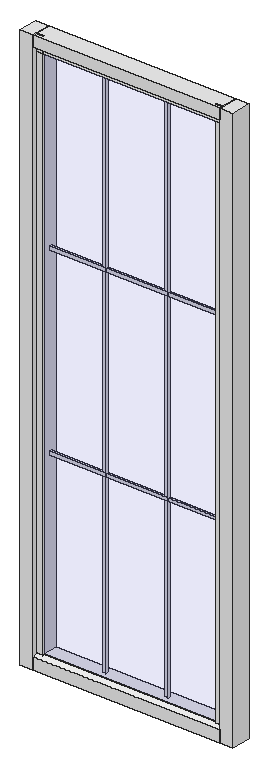
Revit family "Door_Curtain_Wall-Inswing-Traco-NX-8920-Sidelite", category Curtain Panels, Revit 2015
Parameters (values of type "NX-8920 - Sidelite")
  Water Resistance = 12.0000 psf
  Uniform Load Structural = 75.0000 psf
  Uniform Load Deflection = 50.0000 psf
  Product data url = "https://bimobject.com/kawneerna/product/89202"
  Product Page URL = "http://www.alcoa.com/traco/en/product.asp?cat_id=1912&prod_id=4260"
  Product Documentation Link = "http://www.alcoa.com/traco/en/cad_spec.asp?cat_id=1912&prod_id=4260&area=prod"
  Panel Width [instance] = Door Width - 0' 4 1/2"  # 2' - 7 1/2"
  Panel Material [instance] = Aluminum - Traco - Anodized - Gray
  Panel Height [instance] = Door Height - 0' 2 7/8"  # 7' - 9 1/8"
  Muntin Type = Muntin-Grid-Traco-Lites : Interior
  Glass Material [instance] = Glass - Traco - Clear
  Frame Material [instance] = Aluminum - Traco - Anodized - Gray
  Door Width [instance] = if(CTRL Opening Width < Door Width Minimum, Door Width Minimum, if(CTRL Opening Width > Door Width Maximum, Door Width Maximum, CTRL Opening Width))  # 3' - 0"
  Door Height [instance] = if(CTRL Opening Height < Door Height Minimum, Door Height Minimum, if(CTRL Opening Height > Door Height Maximum, Door Height Maximum, CTRL Opening Height))  # 8' - 0"
  Door Base = 0' - 1 3/8"
  Copyright © = "2011 Traco"  # constant formula
  CTRL Opening Width [instance] = 3' - 0"
  URL = "http://www.alcoa.com/traco/en/home.asp"
  U Factor = "0.40"
  Type Comments = "Sidelite"
  Test Size = "48\" X 96\""
  Muntin [instance] = yes
  Model = "NX-8920"
  Manufacturer = "Traco"  # constant formula
  CTRL Opening Height [instance] = 8' - 0"
  Forced Entry Resistance = ""
  Door Width Minimum [instance] = 3' - 0"
  Door Width Maximum [instance] = 3' - 0"
  Door Height Minimum [instance] = 6' - 0"
  Door Height Maximum [instance] = 8' - 0"
  Designation = "AAMA/WDMA/CSA 101/I.S.2/A-440-05: HS-C50 And AAMA/WDMA/CSA 101/I.S.2/A-440-08:AW-PG50-ATD"
  Description = "NX-8920 - 3-1/4” Inswing Thermal Aluminum Architectural Terrace Door"
  Condensation Resistance = "48"
  Assembly Code = "B2020220"
  Allowable Air Infiltration Maximum = "0.1 @ 6.2 PSF"
Reference planes (in)
  plane 1 "Front": y = 0
  plane 2 "Bottom": z = 0
  plane 3 "Center (Left/Right)": x = 0
  plane 4 "Left": x = -18
  plane 5 "Right": x = 18
  plane 6 "Top": z = 96
  plane 7 "Door Base": z = 1.375
  plane 8 "Muntin Center F_B": y = 2
  plane 9 "Back": y = 3.25
  plane 10 "Stop Back": y = 0.75
  plane 11 "Panel Center F_B": y = 2
Text (in)
  text "Exterior" at (-54.29358, -14.61257, 0), in view "Ref. Level"
  text "Exterior" at (480, 41.53993, 89.60405), in view "Right"
  text "Exterior" at (-240, 57.82419, 105.78864), in view "Left"
Dimensions and locks (in)
  equal spacing: plane 4 "Left", plane 3 "Center (Left/Right)", plane 5 "Right"
  "Door Base": plane 2 "Bottom" to plane 7 "Door Base"
  "CTRL Opening Width": plane 4 "Left" to plane 5 "Right"
  "CTRL Opening Height": plane 6 "Top" to plane 2 "Bottom"
  locked: plane 1 "Front" to plane 9 "Back" at 3.25
  locked: plane 1 "Front" to plane 10 "Stop Back" at 0.75
  equal spacing: plane 9 "Back", plane 11 "Panel Center F_B", plane 10 "Stop Back"
  locked: plane 11 "Panel Center F_B" to plane 8 "Muntin Center F_B" at 0
  aligned and locked: level to plane 2 "Bottom"
  aligned: plane 7 "Door Base" to nested 3
  aligned: plane 7 "Door Base" to nested 4
  aligned: plane 7 "Door Base" to nested 6
  aligned and locked: plane 3 "Center (Left/Right)" to nested 1
  aligned and locked: plane 1 "Front" to nested 1
  aligned and locked: plane 2 "Bottom" to nested 1
  aligned and locked: plane 3 "Center (Left/Right)" to nested 3
  aligned and locked: plane 7 "Door Base" to nested 3
  aligned and locked: plane 3 "Center (Left/Right)" to nested 2
  aligned and locked: nested 2 to plane 10 "Stop Back"
  aligned and locked: plane 7 "Door Base" to nested 2
Nested families (in)
  nested 1: "Door_Frame-Inswing-Traco-(NX-8920)-Sidelite" at (-24, 1.625, 0), type "Standard Sill"
    with Door Width 3' - 0", Door Height 8' - 0"
  nested 2: "Door-Glass_Panel-Traco-(TR-8920)-Sidelite" at (0, 3.25, 1.375), Width <- "Panel Width", Height <- "Panel Height", Panel Material <- "Panel Material", Glass Material <- "Glass Material", type "T", detail levels fine
    with built-in parameter 1001301 2' - 7 1/2", built-in parameter 1001302 0' - 2 1/2", Panel Offset 0' - 4 1/4", Panel Material Aluminum - Traco - Anodized - Gray, Panel Finish none, built-in parameter 1001300 7' - 9 1/8", Glazing "Low E-Argon", Glass Material Glass - Traco - Clear
  nested 3: "Muntin-Grid-Traco-Lites" at (0, 2, 47.9375) x (-1, 0, 0) z (0, -1, 0), visible <- "Muntin", Sash Height <- "Panel Height", Length <- "Panel Width", type <- "Muntin Type", type "Interior"
    with Sash Height 7' - 9 1/8", Material Aluminum - Traco - Anodized - Gray, Length 2' - 7 1/2", Glazing Thickness 0' - 0 7/8", CTRL Muntin Vertical Distance 2' - 7.04167", CTRL Muntin Horizontal Distance 0' - 10 1/2", CTRL Face Offset 0' - 0 1/4", CTRL Bar Vertical Visibility no, CTRL Bar Horizontal Visibility no, CTRL Array Vertical Visibility yes, CTRL Array Horizontal Visibility yes, Has Interior Muntins yes, Has Exterior Muntins no
  nested 4: "Muntin-Trapezoid-Traco-Single" at (-5.25, 2.1875, 47.9375) x (0, 0, -1) z (0, -1, 0), type "Standard Colonial"
    with Material Aluminum - Traco - Anodized - Gray, Length 7' - 9 1/8", Width Top 0' - 0 9/16", Width Base 0' - 0 9/16", Height 0' - 0 5/16"
  nested 5: "Muntin-Trapezoid-Traco-Single" at (0, 2.1875, 63.45833) x (1, 0, 0) z (0, -1, 0), type "Standard Colonial"
    with Material Aluminum - Traco - Anodized - Gray, Length 2' - 7 1/2", Width Top 0' - 0 9/16", Width Base 0' - 0 9/16", Height 0' - 0 5/16"
  nested 6: "Muntin-Trapezoid-Traco-Single" at (5.25, 2.1875, 47.9375) x (0, 0, -1) z (0, -1, 0), type "Standard Colonial"
    with Material Aluminum - Traco - Anodized - Gray, Length 7' - 9 1/8", Width Top 0' - 0 9/16", Width Base 0' - 0 9/16", Height 0' - 0 5/16"
  nested 7: "Muntin-Trapezoid-Traco-Single" at (0, 2.1875, 32.41667) x (1, 0, 0) z (0, -1, 0), type "Standard Colonial"
    with Material Aluminum - Traco - Anodized - Gray, Length 2' - 7 1/2", Width Top 0' - 0 9/16", Width Base 0' - 0 9/16", Height 0' - 0 5/16"
Definition of nested family "Door_Frame-Inswing-Traco-(NX-8920)-Sidelite"
  Parameters
    Jamb Thickness = 0' - 2 1/4"
    Head Thickness = 0' - 1 3/4"
    Frame Material = none
    Frame Depth = 0' - 3 1/4"
    Door Width = 4' - 0"
    Door Height = 7' - 0"
    Assembly Code = ""
  Reference planes (in)
    plane 1 "Center (Front/Back)": y = 0
    plane 2 "Bottom": z = 0
    plane 3 "Center (Left/Right)": x = 24
    plane 4 "Interior": y = 1.625
    plane 5 "Exterior": y = -1.625
    plane 6 "Left": x = 0
    plane 7 "Top": z = 84
    plane 8 "Inside Frame Left Side": x = 2.25
    plane 9 "Inside Frame Right Side": x = 45.75
    plane 10 "Top Inset": z = 82.25
    plane 11 "Bottom Inset": z = 1.5
    plane 12 "Right": x = 48
    plane 13 "Left Stop": x = 3.375
    plane 14 "Right Stop": x = 44.625
    plane 15 "Stop Back": y = -0.875
    plane 16 "Stop Front": y = -1
    plane 17 "Panel Bottom": z = 2.5
    plane 18 "Panel Top": z = 81.375
    plane 19 "Lower Top Rail Unit Bottom": z = 2
  Forms (in)
    Extrusion 1, solid, material <- "Frame Material"
      sketch origin (24, 0, 0) x (0, 1, 0) y (0, 0, 1)
        loop
          line (-1.625, 0) -> (1.625, 0) -> (1.625, 1.5) -> (-0.875, 1.5) -> (-0.875, 2.5) -> (-1.625, 2) -> (-1.625, 0)
      from -21.75 to 21.75
    Extrusion 2, solid, material <- "Frame Material"
      sketch origin (24, 0, 0) x (0, 1, 0) y (0, 0, 1)
        loop
          line (1.625, 84) -> (-1.625, 84) -> (-1.625, 82.25) -> (-1, 82.25) -> (-1, 81.375) -> (-0.875, 81.375) -> (-0.875, 82.25) -> (1.625, 82.25) -> (1.625, 84)
      from -21.75 to 21.75
    Extrusion 3, solid, material <- "Frame Material"
      sketch origin (0, 0, 0) x (1, 0, 0) y (0, 1, 0)
        loop
          line (0, 1.625) -> (0, -1.625) -> (2.25, -1.625) -> (2.25, -1) -> (3.375, -1) -> (3.375, -0.875) -> (2.25, -0.875) -> (2.25, 1.625) -> (0, 1.625)
        loop
          line (48, 1.625) -> (45.75, 1.625) -> (45.75, -0.875) -> (44.625, -0.875) -> (44.625, -1) -> (45.75, -1) -> (45.75, -1.625) -> (48, -1.625) -> (48, 1.625)
      from 0 to 84
  Lines and regions (in)
    Masking region 1
      outline origin (0, 0, 84) x (-1, 0, 0) y (0, -1, 0)
        loop
          line (0, 1.625) -> (-48, 1.625) -> (-48, -1.625) -> (0, -1.625) -> (0, 1.625)
    Masking region 2
      outline origin (24, 0, 0) x (0, 1, 0) y (0, 0, 1)
        loop
          line (-1.625, 0) -> (1.625, 0) -> (1.625, 84) -> (-1.625, 84) -> (-1.625, 0)
    Masking region 3
      outline origin (0, 0, 0) x (1, 0, 0) y (0, 0, 1)
        loop
          line (0, 0) -> (48, 0) -> (48, 84) -> (0, 84) -> (0, 0)
        loop
          line (3.375, 2.5) -> (44.625, 2.5) -> (44.625, 81.375) -> (3.375, 81.375) -> (3.375, 2.5)
    symbolic lines, detail levels medium+fine
      curve 1: line (2.25, 1.625, 84) -> (2.25, -0.875, 84)
      curve 2: line (2.25, -0.875, 84) -> (3.375, -0.875, 84)
      curve 3: line (3.375, -0.875, 84) -> (3.375, -1, 84)
      curve 4: line (3.375, -1, 84) -> (2.25, -1, 84)
      curve 5: line (2.25, -1, 84) -> (2.25, -1.625, 84)
      curve 6: line (45.75, 1.625, 84) -> (45.75, -0.875, 84)
      curve 7: line (45.75, -0.875, 84) -> (44.625, -0.875, 84)
      curve 8: line (44.625, -0.875, 84) -> (44.625, -1, 84)
      curve 9: line (44.625, -1, 84) -> (45.75, -1, 84)
      curve 10: line (45.75, -1, 84) -> (45.75, -1.625, 84)
      curve 11: line (2.25, 0, 84) -> (2.25, 0, 0)
      curve 12: line (45.75, 0, 0) -> (45.75, 0, 84)
      curve 13: line (2.25, 0, 82.25) -> (45.75, 0, 82.25)
      curve 14: line (45.75, 0, 81.375) -> (44.625, 0, 81.375)
      curve 15: line (44.625, 0, 81.375) -> (44.625, 0, 82.25)
      curve 16: line (2.25, 0, 81.375) -> (3.375, 0, 81.375)
      curve 17: line (3.375, 0, 81.375) -> (3.375, 0, 82.25)
      curve 18: line (2.25, 0, 2) -> (45.75, 0, 2)
  Dimensions and locks (in)
    equal spacing: plane 4 "Interior", plane 1 "Center (Front/Back)", plane 5 "Exterior"
    "Frame Depth": plane 4 "Interior" to plane 5 "Exterior"
    "Head Thickness": plane 7 "Top" to plane 10 "Top Inset"
    "Jamb Thickness": plane 6 "Left" to plane 8 "Inside Frame Left Side"
    "Door Height": plane 7 "Top" to plane 2 "Bottom"
    plane 11 "Bottom Inset" to plane 2 "Bottom" = 0' - 1 1/2"
    "Door Width": plane 12 "Right" to plane 6 "Left"
    "Jamb Thickness": plane 12 "Right" to plane 9 "Inside Frame Right Side"
    equal spacing: plane 6 "Left", plane 3 "Center (Left/Right)", plane 12 "Right"
    locked: plane 8 "Inside Frame Left Side" to plane 13 "Left Stop" at 1.125
    locked: plane 14 "Right Stop" to plane 9 "Inside Frame Right Side" at 1.125
    locked: plane 17 "Panel Bottom" to plane 2 "Bottom" at 2.5
    locked: plane 10 "Top Inset" to plane 18 "Panel Top" at 0.875
    locked: plane 19 "Lower Top Rail Unit Bottom" to plane 11 "Bottom Inset" at 0.5
    aligned and locked: level to plane 2 "Bottom"
    aligned and locked: plane 11 "Bottom Inset" to Extrusion 1 sketch curve
    aligned and locked: plane 4 "Interior" to Extrusion 1 sketch curve
    aligned and locked: plane 8 "Inside Frame Left Side" to Extrusion 1
    aligned and locked: Extrusion 1 to plane 9 "Inside Frame Right Side"
    aligned and locked: Extrusion 2 sketch curve to plane 10 "Top Inset"
    aligned and locked: plane 5 "Exterior" to Extrusion 2 sketch curve
    aligned and locked: plane 8 "Inside Frame Left Side" to Extrusion 2
    aligned and locked: Extrusion 2 to plane 9 "Inside Frame Right Side"
    aligned and locked: Extrusion 3 sketch curve to plane 4 "Interior"
    aligned and locked: Extrusion 3 sketch curve to plane 6 "Left"
    aligned and locked: Extrusion 3 sketch curve to Extrusion 1  (x2)
    aligned and locked: plane 7 "Top" to Extrusion 3
    aligned and locked: plane 6 "Left" to Masking region 1 sketch curve
    aligned and locked: plane 4 "Interior" to Masking region 1 sketch curve
    aligned and locked: plane 12 "Right" to Masking region 1 sketch curve
    aligned and locked: plane 5 "Exterior" to Masking region 1 sketch curve
    aligned and locked: plane 8 "Inside Frame Left Side" to curve 1
    aligned and locked: plane 15 "Stop Back" to curve 2
    aligned and locked: plane 13 "Left Stop" to curve 3
    aligned and locked: curve 4 to plane 16 "Stop Front"
    aligned and locked: plane 8 "Inside Frame Left Side" to curve 5
    aligned and locked: plane 9 "Inside Frame Right Side" to curve 6
    aligned and locked: curve 7 to plane 15 "Stop Back"
    aligned and locked: plane 14 "Right Stop" to curve 8
    aligned and locked: plane 16 "Stop Front" to curve 9
    aligned and locked: plane 9 "Inside Frame Right Side" to curve 10
    aligned and locked: plane 7 "Top" to Masking region 2 sketch curve
    aligned and locked: plane 4 "Interior" to Masking region 2 sketch curve
    aligned and locked: plane 5 "Exterior" to Masking region 2 sketch curve
    aligned and locked: Masking region 2 sketch curve to plane 2 "Bottom"
    aligned and locked: plane 7 "Top" to Masking region 3 sketch curve
    aligned and locked: plane 12 "Right" to Masking region 3 sketch curve
    aligned and locked: plane 6 "Left" to Masking region 3 sketch curve
    aligned and locked: plane 18 "Panel Top" to Masking region 3 sketch curve
    aligned and locked: plane 13 "Left Stop" to Masking region 3 sketch curve
    aligned and locked: Masking region 3 sketch curve to plane 14 "Right Stop"
    aligned and locked: Masking region 3 sketch curve to plane 17 "Panel Bottom"
    aligned and locked: Masking region 3 sketch curve to plane 2 "Bottom"
    aligned and locked: curve 18 to plane 19 "Lower Top Rail Unit Bottom"
    aligned and locked: curve 12 to plane 9 "Inside Frame Right Side"
    aligned and locked: plane 8 "Inside Frame Left Side" to curve 11
    aligned and locked: curve 13 to plane 10 "Top Inset"
    aligned and locked: curve 15 to plane 14 "Right Stop"
    aligned and locked: plane 18 "Panel Top" to curve 14
    aligned and locked: curve 16 to plane 18 "Panel Top"
    aligned and locked: curve 17 to plane 13 "Left Stop"
  Automatic sketch dimensions
    Extrusion 2 sketch curve to plane 7 "Top" = 0' - 2 5/8"
    Extrusion 2 sketch curve to plane 5 "Exterior" = 0' - 0 5/8"
    Extrusion 2 sketch curve to plane 10 "Top Inset" = 0' - 0"
    Extrusion 2 sketch curve to Extrusion 2 sketch curve = 0' - 0 1/8"
    Extrusion 2 sketch curve to plane 4 "Interior" = 0' - 0"
    Extrusion 2 sketch curve to plane 7 "Top" = 0' - 0"
    Extrusion 1 sketch curve to level = 0' - 0"
    Extrusion 1 sketch curve to plane 5 "Exterior" = 0' - 0 3/4"
    Extrusion 1 sketch curve to plane 5 "Exterior" = 0' - 0"
    Extrusion 1 sketch curve to Extrusion 1 sketch curve = 0' - 0 1/2"
    plane 11 "Bottom Inset" to Extrusion 1 sketch curve = 0' - 0 1/2"
    Extrusion 3 sketch curve to plane 8 "Inside Frame Left Side" = 0' - 0"
    Extrusion 3 sketch curve to plane 9 "Inside Frame Right Side" = 0' - 0"  (x2)
    plane 4 "Interior" to Extrusion 3 sketch curve = 0' - 0"
    Extrusion 3 sketch curve to plane 12 "Right" = 0' - 0"
    plane 5 "Exterior" to Extrusion 3 sketch curve = 0' - 0"
    Extrusion 3 sketch curve to plane 8 "Inside Frame Left Side" = 0' - 1 1/8"
    Extrusion 3 sketch curve to Extrusion 3 sketch curve = 0' - 1 1/8"
    Extrusion 3 sketch curve to plane 5 "Exterior" = 0' - 0 5/8"
    Extrusion 3 sketch curve to Extrusion 3 sketch curve = 0' - 0 5/8"
    Extrusion 3 sketch curve to Extrusion 3 sketch curve = 0' - 0 1/8"  (x2)
    curve 6 to plane 4 "Interior" = 0' - 0"
    plane 5 "Exterior" to curve 10 = 0' - 0"
    curve 1 to plane 4 "Interior" = 0' - 0"
    plane 5 "Exterior" to curve 5 = 0' - 0"
    curve 11 to plane 7 "Top" = 0' - 0"
    curve 11 to level = 0' - 0"
    curve 12 to level = 0' - 0"
    curve 12 to plane 7 "Top" = 0' - 0"
Definition of nested family "Door-Glass_Panel-Traco-(TR-8920)-Sidelite"
  Parameters
    Width [instance] = 6' - 0"
    Visible Light Transmission = 0
    URL = "www.integratedcontentsolutions.com"
    U Value = 0
    Type Comments = "Panel theory and model developed by Integrated Content Solutions"  # constant formula
    Thickness [instance] = 0' - 2 1/2"
    Solar Heat Gain Coefficient = 0
    R Value = 0
    Product Documentation Link = "www.integratedcontentsolutions.com"
    Panel Offset [instance] = 0' - 4 1/4"
    Panel Material [instance] = none
    Panel Finish [instance] = none
    Manufacturer = "Integrated Content Solutions"  # constant formula
    LEED Credit = ""
    Height [instance] = 2' - 0"
    Glazing [instance] = "Low E-Argon"
    Glass Material [instance] = none
    Function = 1
    Energy Star Zone = ""
    Copyright © = "Integrated Content Solutions © 2009"  # constant formula
    Assembly Code = "C1020110"
    Appear In Schedule = 0 = 1  # no
    Air Leakage = 0
  Reference planes (in)
    plane 1 "Exterior": y = 0
    plane 2 "Bottom": z = 0
    plane 3 "Left Side": x = -36
    plane 4 "Interior": y = -2.5
    plane 5 "Right Side": x = 36
    plane 6 "Top": z = 24
    plane 7 "Panel Center of Thickness": y = -1.875
    plane 8 "Glass Interior": y = -2.375
    plane 9 "Glass Exterior": y = -1.375
    plane 10 "Center L_R": x = 0
    plane 11 "Left Inset": x = -34.875
    plane 12 "Right Inset": x = 34.875
    plane 13 "Top Inset": z = 22.875
    plane 14 "Bottom Inset": z = 1.125
  Forms (in)
    Extrusion 1, solid, material <- "Panel Material"
      sketch origin (0, 0, 0) x (1, 0, 0) y (0, 0, 1)
        loop
          line (-36, 24) -> (-36, 0) -> (36, 0) -> (36, 24) -> (-36, 24)
        loop
          line (-34.875, 22.875) -> (-34.875, 1.125) -> (34.875, 1.125) -> (34.875, 22.875) -> (-34.875, 22.875)
      from 0 to 2.5
    Extrusion 2, solid, material <- "Glass Material"
      sketch origin (0, -2.5, 0) x (1, 0, 0) y (0, 0, 1)
        loop
          line (-35.625, 23.625) -> (-35.625, 0.375) -> (35.625, 0.375) -> (35.625, 23.625) -> (-35.625, 23.625)
      from -1.125 to -0.125
  Lines and regions (in)
    Masking region 1
      outline origin (0, 0, 24) x (-1, 0, 0) y (0, -1, 0)
        loop
          line (36, 2.5) -> (-36, 2.5) -> (-36, 0) -> (36, 0) -> (36, 2.5)
    Masking region 2
      outline origin (0, 0, 0) x (0, 0, 1) y (0, -1, 0)
        loop
          line (0, 2.5) -> (0, 0) -> (24, 0) -> (24, 2.5) -> (0, 2.5)
    Masking region 3
      outline origin (0, -1.875, 0) x (-1, 0, 0) y (0, 0, 1)
        loop
          line (36, 0) -> (36, 24) -> (-36, 24) -> (-36, 0) -> (36, 0)
        loop
          line (34.875, 1.125) -> (34.875, 22.875) -> (-34.875, 22.875) -> (-34.875, 1.125) -> (34.875, 1.125)
  Dimensions and locks (in)
    "Width": plane 3 "Left Side" to plane 5 "Right Side"
    "Thickness": plane 4 "Interior" to plane 1 "Exterior"
    "Height": plane 6 "Top" to plane 2 "Bottom"
    "Width": plane 3 "Left Side" to Extrusion 1
    equal spacing: plane 5 "Right Side", plane 10 "Center L_R", plane 3 "Left Side"
    locked: Extrusion 1 sketch curve to Extrusion 1 sketch curve at 1.125  (x4)
    equal spacing: plane 9 "Glass Exterior", plane 7 "Panel Center of Thickness", plane 8 "Glass Interior"
    locked: plane 9 "Glass Exterior" to plane 8 "Glass Interior" at 1
    locked: plane 6 "Top" to plane 13 "Top Inset" at 1.125
    locked: plane 14 "Bottom Inset" to plane 2 "Bottom" at 1.125
    locked: plane 11 "Left Inset" to plane 3 "Left Side" at 1.125
    locked: plane 5 "Right Side" to plane 12 "Right Inset" at 1.125
    aligned and locked: plane 3 "Left Side" to Extrusion 1 sketch curve
    aligned: Extrusion 1 to plane 1 "Exterior"
    aligned: plane 4 "Interior" to Extrusion 1
    aligned and locked: level to plane 2 "Bottom"
    aligned and locked: plane 9 "Glass Exterior" to Extrusion 2
    aligned and locked: Extrusion 2 to plane 8 "Glass Interior"
    aligned: plane 6 "Top" to Extrusion 2
    aligned and locked: plane 4 "Interior" to Extrusion 1
    aligned and locked: Extrusion 1 to plane 1 "Exterior"
    aligned and locked: Masking region 1 sketch curve to plane 3 "Left Side"
    aligned and locked: plane 4 "Interior" to Masking region 1 sketch curve
    aligned and locked: Masking region 1 sketch curve to plane 1 "Exterior"
    aligned and locked: plane 5 "Right Side" to Masking region 1 sketch curve
    aligned and locked: plane 6 "Top" to Masking region 2 sketch curve
    aligned and locked: Masking region 2 sketch curve to plane 1 "Exterior"
    aligned and locked: Masking region 2 sketch curve to plane 2 "Bottom"
    aligned and locked: plane 4 "Interior" to Masking region 2 sketch curve
    aligned and locked: plane 6 "Top" to Masking region 3 sketch curve
    aligned and locked: plane 5 "Right Side" to Masking region 3 sketch curve
    aligned and locked: Masking region 3 sketch curve to plane 2 "Bottom"
    aligned and locked: Masking region 3 sketch curve to plane 3 "Left Side"
    aligned and locked: plane 13 "Top Inset" to Masking region 3 sketch curve
    aligned and locked: plane 12 "Right Inset" to Masking region 3 sketch curve
    aligned and locked: Masking region 3 sketch curve to plane 14 "Bottom Inset"
    aligned and locked: Masking region 3 sketch curve to plane 11 "Left Inset"
  Automatic sketch dimensions
    Extrusion 1 sketch curve to plane 5 "Right Side" = 0' - 0"
    Extrusion 1 sketch curve to level = 0' - 0"
    Extrusion 1 sketch curve to plane 6 "Top" = 0' - 0"
    Extrusion 1 sketch curve to plane 3 "Left Side" = 0' - 0"
    plane 3 "Left Side" to Extrusion 2 sketch curve = 0' - 0 3/8"
    Extrusion 2 sketch curve to plane 5 "Right Side" = 0' - 0 3/8"
    level to Extrusion 2 sketch curve = 0' - 0 3/8"
    Extrusion 2 sketch curve to plane 6 "Top" = 0' - 0 3/8"
Definition of nested family "Muntin-Trapezoid-Traco-Single"
  Parameters
    Width Top = 0' - 0 7/16"
    Width Base = 0' - 1"
    URL = "http://www.alcoa.com/traco/en/home.asp"
    Product Page URL = "http://www.alcoa.com/traco/en/product.asp?prod_id=4228"
    Product Documentation Link = "http://www.alcoa.com/traco/en/cad_spec.asp?prod_id=4228&area=prod"
    Material [instance] = none
    Manufacturer = "Traco"  # constant formula
    Length [instance] = 1' - 0"
    Height = 0' - 0 5/8"
    Description = "Trapezoidal Profile"
    Copyright © = "2011 Traco"  # constant formula
  Reference planes (in)
    plane 1 "Center (Front/Back)": y = 0
    plane 2 "Original Bottom": z = 0
    plane 3 "Center (Left/Right)": x = 0
    plane 4 "Left": x = -6
    plane 5 "Right": x = 6
    plane 6 "Back": y = 0.5
    plane 7 "Front": y = -0.5
    plane 8 "Back Inset": y = 0.21875
    plane 9 "Front Inset": y = -0.21875
    plane 10 "Top": z = 0.625
    plane 11 "Bottom": z = 0
  Forms (in)
    Sweep 1, solid, material <- "Material", detail levels medium+fine
      path origin (0, 0, 0) x (0, -1, 0) y (1, 0, 0)
        loop
          line (0, 6) -> (0, -6)
      profile origin (0, 0, 0) x (0, -1, 0) y (0, 0, 1)
        loop
          line (0.5, 0) -> (0.21875, 0.625) -> (-0.21875, 0.625) -> (-0.5, 0) -> (0.5, 0)
  Lines and regions (in)
    Masking region 1, detail levels medium+fine
      outline origin (0, 0, 0) x (0, 1, 0) y (0, 0, 1)
        loop
          line (0.5, 0) -> (0.21875, 0.625) -> (-0.21875, 0.625) -> (-0.5, 0) -> (0.5, 0)
    Masking region 2, detail levels medium+fine
      outline origin (0, 0, 0) x (1, 0, 0) y (0, 1, 0)
        loop
          line (6, -0.5) -> (6, 0.5) -> (-6, 0.5) -> (-6, -0.5) -> (6, -0.5)
    Masking region 3, detail levels medium+fine
      outline origin (0, 0, 0) x (1, 0, 0) y (0, 0, 1)
        loop
          line (6, 0) -> (6, 0.625) -> (-6, 0.625) -> (-6, 0) -> (6, 0)
    symbolic lines, detail levels coarse
      curve 1: line (0, 0, 0) -> (0, 0, 0.625)
      curve 2: line (-6, 0, 0) -> (6, 0, 0)
      curve 3: line (-6, 0, 0) -> (-6, 0, 0.625)
      curve 4: line (-6, 0, 0.625) -> (6, 0, 0.625)
      curve 5: line (6, 0, 0.625) -> (6, 0, 0)
    model lines, detail levels coarse
      curve 6: line (-6, 0, 0) -> (6, 0, 0)
  Dimensions and locks (in)
    equal spacing: plane 4 "Left", plane 3 "Center (Left/Right)", plane 5 "Right"
    "Length": plane 4 "Left" to plane 5 "Right"
    equal spacing: plane 6 "Back", plane 1 "Center (Front/Back)", plane 7 "Front"
    "Width Base": plane 7 "Front" to plane 6 "Back"
    equal spacing: plane 8 "Back Inset", plane 1 "Center (Front/Back)", plane 9 "Front Inset"
    "Width Top": plane 9 "Front Inset" to plane 8 "Back Inset"
    locked: plane 11 "Bottom" to plane 2 "Original Bottom" at 0
    "Height": plane 10 "Top" to plane 11 "Bottom"
    aligned and locked: plane 2 "Original Bottom" to level
    aligned and locked: plane 4 "Left" to Sweep 1 sketch curve
    aligned and locked: Sweep 1 sketch curve to plane 1 "Center (Front/Back)"
    aligned and locked: plane 5 "Right" to Sweep 1 sketch curve
    aligned and locked: plane 7 "Front" to Sweep 1 sketch curve
    aligned and locked: plane 11 "Bottom" to Sweep 1 sketch curve  (x2)
    aligned and locked: plane 6 "Back" to Sweep 1 sketch curve
    aligned and locked: plane 10 "Top" to Sweep 1 sketch curve
    aligned and locked: plane 8 "Back Inset" to Sweep 1 sketch curve
    aligned and locked: plane 9 "Front Inset" to Sweep 1 sketch curve
    aligned and locked: Sweep 1 sketch curve to plane 10 "Top"
    aligned and locked: Masking region 1 sketch curve to plane 11 "Bottom"
    aligned and locked: plane 10 "Top" to Masking region 1 sketch curve
    aligned and locked: plane 8 "Back Inset" to Masking region 1 sketch curve
    aligned and locked: plane 9 "Front Inset" to Masking region 1 sketch curve
    aligned and locked: plane 7 "Front" to Masking region 1 sketch curve
    aligned and locked: plane 6 "Back" to Masking region 1 sketch curve
    aligned and locked: curve 1 to plane 1 "Center (Front/Back)"
    aligned and locked: plane 11 "Bottom" to curve 1
    aligned and locked: plane 10 "Top" to curve 1
    aligned and locked: plane 4 "Left" to curve 2
    aligned and locked: plane 5 "Right" to curve 2
    aligned and locked: plane 1 "Center (Front/Back)" to curve 2
    aligned and locked: Masking region 2 sketch curve to plane 4 "Left"
    aligned and locked: Masking region 2 sketch curve to plane 5 "Right"
    aligned and locked: Masking region 2 sketch curve to plane 6 "Back"
    aligned and locked: Masking region 2 sketch curve to plane 7 "Front"
    aligned and locked: Masking region 3 sketch curve to plane 4 "Left"
    aligned and locked: Masking region 3 sketch curve to plane 5 "Right"
    aligned and locked: plane 11 "Bottom" to Masking region 3 sketch curve
    aligned and locked: Masking region 3 sketch curve to plane 10 "Top"
    aligned and locked: plane 11 "Bottom" to curve 3
    aligned and locked: plane 11 "Bottom" to curve 5
    aligned and locked: curve 5 to plane 5 "Right"
    aligned and locked: curve 3 to plane 4 "Left"
    aligned and locked: curve 4 to plane 10 "Top"
    aligned and locked: plane 5 "Right" to curve 6
    aligned and locked: plane 4 "Left" to curve 6
    aligned and locked: plane 1 "Center (Front/Back)" to curve 6
Definition of nested family "Muntin-Grid-Traco-Lites"
  Parameters
    URL = "http://www.alcoa.com/traco/en/home.asp"
    Sash Height [instance] = 4' - 0"
    Muntin Vertical Count = if((Lite Vertical Count - 1) < 2, 2, (Lite Vertical Count - 1))  # 2
    Muntin Type = Muntin-Trapezoid-Traco-Single : H-081
    Muntin Horizontal Count = if((Lite Horizontal Count - 1) < 2, 2, (Lite Horizontal Count - 1))  # 2
    Material [instance] = none
    Manufacturer = "Traco"  # constant formula
    Lite Vertical Count = 3
    Lite Horizontal Count = 3
    Length [instance] = 4' - 0"
    Has True Muntins = no
    Has Interior Muntins = no
    Has Exterior Muntins = yes
    Glazing Thickness [instance] = 0' - 0 7/8"
    Default Elevation = 4' - 0"
    Copyright © = "2011 Traco"  # constant formula
    CTRL Muntin Vertical Distance [instance] = Sash Height / (Lite Vertical Count)  # 1' - 4"
    CTRL Muntin Horizontal Distance [instance] = Length / (Lite Horizontal Count)  # 1' - 4"
    CTRL Face Offset [instance] = if(Has Interior Muntins, 0' 0 1/4", if(Has Exterior Muntins, Glazing Thickness, Glazing Thickness / 2))  # 0' - 0 7/8"
    CTRL Bar Vertical Visibility [instance] = Lite Vertical Count = 2  # no
    CTRL Bar Horizontal Visibility [instance] = Lite Horizontal Count = 2  # no
    CTRL Array Vertical Visibility [instance] = Lite Vertical Count > 2  # yes
    CTRL Array Horizontal Visibility [instance] = Lite Horizontal Count > 2  # yes
    Assembly Code = "B2020110"
  Reference planes (in)
    plane 1 "Center (Front/Back)": y = 0
    plane 2 "Original  Bottom": z = 0
    plane 3 "Center (Left/Right)": x = 0
    plane 4 "Left": x = -24
    plane 5 "Right": x = 24
    plane 6 "Bottom": z = 0.4375
    plane 7 "Glass Top": z = 0.4375
    plane 8 "Glass Bottom": z = -0.4375
    plane 9 "Back": y = 24
    plane 10 "Front": y = -24
    plane 11 "Bar 1 Vertical": y = -8
    plane 12 "Bar Last Vertical": y = 8
    plane 13 "Bar Last Horizontal": x = 8
    plane 14 "Bar 1 Horizontal": x = -8
  Forms (in)
    Extrusion 1, solid
      sketch origin (0, 0, 0) x (1, 0, 0) y (0, 1, 0)
        loop
          line (-48, 48) -> (-48, -48) -> (48, -48) -> (48, 48) -> (-48, 48)
      from 0 to -12
  Dimensions and locks (in)
    equal spacing: plane 4 "Left", plane 3 "Center (Left/Right)", plane 5 "Right"
    "Length": plane 4 "Left" to plane 5 "Right"
    "Glazing Thickness": plane 7 "Glass Top" to plane 8 "Glass Bottom"
    equal spacing: plane 9 "Back", plane 1 "Center (Front/Back)", plane 10 "Front"
    "Sash Height": plane 10 "Front" to plane 9 "Back"
    "CTRL Muntin Vertical Distance": plane 10 "Front" to plane 11 "Bar 1 Vertical"
    "CTRL Muntin Vertical Distance": plane 12 "Bar Last Vertical" to plane 9 "Back"
    "CTRL Muntin Horizontal Distance": plane 4 "Left" to plane 14 "Bar 1 Horizontal"
    "CTRL Muntin Horizontal Distance": plane 13 "Bar Last Horizontal" to plane 5 "Right"
    equal spacing: plane 7 "Glass Top", plane 2 "Original  Bottom", plane 8 "Glass Bottom"
    group 1 to group 2 = 0' - 0"  (x2)
    group 1 to group 2 = 1' - 4"
    group 3 to group 4 = 1' - 4"
    group 3 to group 4 = 0' - 0"  (x2)
    "CTRL Face Offset": plane 6 "Bottom" to plane 8 "Glass Bottom"
    aligned and locked: plane 2 "Original  Bottom" to Extrusion 1
    aligned and locked: level to Extrusion 1
    aligned and locked: plane 6 "Bottom" to nested 1
    aligned and locked: plane 6 "Bottom" to nested 3
    aligned and locked: plane 6 "Bottom" to nested 2
    aligned and locked: plane 6 "Bottom" to nested 4
    aligned and locked: nested 3 to plane 11 "Bar 1 Vertical"
    aligned and locked: nested 4 to plane 14 "Bar 1 Horizontal"
    aligned and locked: nested 3 to plane 3 "Center (Left/Right)"
    aligned and locked: plane 1 "Center (Front/Back)" to nested 4
    aligned and locked: plane 3 "Center (Left/Right)" to nested 2
    aligned and locked: nested 2 to plane 1 "Center (Front/Back)"
    aligned and locked: plane 1 "Center (Front/Back)" to nested 1
    aligned and locked: plane 3 "Center (Left/Right)" to nested 1
    aligned and locked: nested 5 to plane 3 "Center (Left/Right)"
    aligned and locked: plane 1 "Center (Front/Back)" to nested 6
    aligned and locked: plane 6 "Bottom" to nested 6
    aligned and locked: nested 5 to plane 12 "Bar Last Vertical"
    aligned and locked: nested 6 to plane 13 "Bar Last Horizontal"
    aligned and locked: plane 6 "Bottom" to nested 5
  Automatic sketch dimensions
    Extrusion 1 sketch curve to Extrusion 1 sketch curve = 8' - 0"  (x2)
  Nested families (in)
    nested 1: "Muntin-Trapezoid-Traco-Single" at (0, 0, 0.4375), Length <- "Length", visible <- "CTRL Bar Vertical Visibility", type <- "Muntin Type", Material <- "Material", type "H-081"
      with Material none, Length 4' - 0"
    nested 2: "Muntin-Trapezoid-Traco-Single" at (0, 0, 0.4375) x (0, 1, 0) z (0, 0, 1), Length <- "Sash Height", visible <- "CTRL Bar Horizontal Visibility", type <- "Muntin Type", Material <- "Material", type "H-081"
      with Material none, Length 4' - 0"
    nested 3: "Muntin-Trapezoid-Traco-Single" at (0, -8, 0.4375) x (-1, 0, 0) z (0, 0, 1), Length <- "Length", visible <- "CTRL Array Horizontal Visibility", type <- "Muntin Type", Material <- "Material", type "H-081"
      with Material none, Length 4' - 0"
    nested 4: "Muntin-Trapezoid-Traco-Single" at (-8, 0, 0.4375) x (0, -1, 0) z (0, 0, 1), Length <- "Sash Height", visible <- "CTRL Array Horizontal Visibility", type <- "Muntin Type", Material <- "Material", type "H-081"
      with Material none, Length 4' - 0"
    nested 5: "Muntin-Trapezoid-Traco-Single" at (0, 8, 0.4375) x (-1, 0, 0) z (0, 0, 1), Length <- "Length", visible <- "CTRL Array Horizontal Visibility", type <- "Muntin Type", Material <- "Material", type "H-081"
      with Material none, Length 4' - 0"
    nested 6: "Muntin-Trapezoid-Traco-Single" at (8, 0, 0.4375) x (0, -1, 0) z (0, 0, 1), Length <- "Sash Height", visible <- "CTRL Array Horizontal Visibility", type <- "Muntin Type", Material <- "Material", type "H-081"
      with Material none, Length 4' - 0"
  Definition of nested family "Muntin-Trapezoid-Traco-Single"
    Parameters
      Width Top = 0' - 0 7/16"
      Width Base = 0' - 1"
      URL = "http://www.alcoa.com/traco/en/home.asp"
      Product Page URL = "http://www.alcoa.com/traco/en/product.asp?prod_id=4228"
      Product Documentation Link = "http://www.alcoa.com/traco/en/cad_spec.asp?prod_id=4228&area=prod"
      Material [instance] = none
      Manufacturer = "Traco"  # constant formula
      Length [instance] = 1' - 0"
      Height = 0' - 0 5/8"
      Description = "Trapezoidal Profile"
      Copyright © = "2011 Traco"  # constant formula
    Reference planes (in)
      plane 1 "Center (Front/Back)": y = 0
      plane 2 "Original Bottom": z = 0
      plane 3 "Center (Left/Right)": x = 0
      plane 4 "Left": x = -6
      plane 5 "Right": x = 6
      plane 6 "Back": y = 0.5
      plane 7 "Front": y = -0.5
      plane 8 "Back Inset": y = 0.21875
      plane 9 "Front Inset": y = -0.21875
      plane 10 "Top": z = 0.625
      plane 11 "Bottom": z = 0
    Forms (in)
      Sweep 1, solid, material <- "Material", detail levels medium+fine
        path origin (0, 0, 0) x (0, -1, 0) y (1, 0, 0)
          loop
            line (0, 6) -> (0, -6)
        profile origin (0, 0, 0) x (0, -1, 0) y (0, 0, 1)
          loop
            line (0.5, 0) -> (0.21875, 0.625) -> (-0.21875, 0.625) -> (-0.5, 0) -> (0.5, 0)
    Lines and regions (in)
      Masking region 1, detail levels medium+fine
        outline origin (0, 0, 0) x (0, 1, 0) y (0, 0, 1)
          loop
            line (0.5, 0) -> (0.21875, 0.625) -> (-0.21875, 0.625) -> (-0.5, 0) -> (0.5, 0)
      Masking region 2, detail levels medium+fine
        outline origin (0, 0, 0) x (1, 0, 0) y (0, 1, 0)
          loop
            line (6, -0.5) -> (6, 0.5) -> (-6, 0.5) -> (-6, -0.5) -> (6, -0.5)
      Masking region 3, detail levels medium+fine
        outline origin (0, 0, 0) x (1, 0, 0) y (0, 0, 1)
          loop
            line (6, 0) -> (6, 0.625) -> (-6, 0.625) -> (-6, 0) -> (6, 0)
      symbolic lines, detail levels coarse
        curve 1: line (0, 0, 0) -> (0, 0, 0.625)
        curve 2: line (-6, 0, 0) -> (6, 0, 0)
        curve 3: line (-6, 0, 0) -> (-6, 0, 0.625)
        curve 4: line (-6, 0, 0.625) -> (6, 0, 0.625)
        curve 5: line (6, 0, 0.625) -> (6, 0, 0)
      model lines, detail levels coarse
        curve 6: line (-6, 0, 0) -> (6, 0, 0)
    Dimensions and locks (in)
      equal spacing: plane 4 "Left", plane 3 "Center (Left/Right)", plane 5 "Right"
      "Length": plane 4 "Left" to plane 5 "Right"
      equal spacing: plane 6 "Back", plane 1 "Center (Front/Back)", plane 7 "Front"
      "Width Base": plane 7 "Front" to plane 6 "Back"
      equal spacing: plane 8 "Back Inset", plane 1 "Center (Front/Back)", plane 9 "Front Inset"
      "Width Top": plane 9 "Front Inset" to plane 8 "Back Inset"
      locked: plane 11 "Bottom" to plane 2 "Original Bottom" at 0
      "Height": plane 10 "Top" to plane 11 "Bottom"
      aligned and locked: plane 2 "Original Bottom" to level
      aligned and locked: plane 4 "Left" to Sweep 1 sketch curve
      aligned and locked: Sweep 1 sketch curve to plane 1 "Center (Front/Back)"
      aligned and locked: plane 5 "Right" to Sweep 1 sketch curve
      aligned and locked: plane 7 "Front" to Sweep 1 sketch curve
      aligned and locked: plane 11 "Bottom" to Sweep 1 sketch curve  (x2)
      aligned and locked: plane 6 "Back" to Sweep 1 sketch curve
      aligned and locked: plane 10 "Top" to Sweep 1 sketch curve
      aligned and locked: plane 8 "Back Inset" to Sweep 1 sketch curve
      aligned and locked: plane 9 "Front Inset" to Sweep 1 sketch curve
      aligned and locked: Sweep 1 sketch curve to plane 10 "Top"
      aligned and locked: Masking region 1 sketch curve to plane 11 "Bottom"
      aligned and locked: plane 10 "Top" to Masking region 1 sketch curve
      aligned and locked: plane 8 "Back Inset" to Masking region 1 sketch curve
      aligned and locked: plane 9 "Front Inset" to Masking region 1 sketch curve
      aligned and locked: plane 7 "Front" to Masking region 1 sketch curve
      aligned and locked: plane 6 "Back" to Masking region 1 sketch curve
      aligned and locked: curve 1 to plane 1 "Center (Front/Back)"
      aligned and locked: plane 11 "Bottom" to curve 1
      aligned and locked: plane 10 "Top" to curve 1
      aligned and locked: plane 4 "Left" to curve 2
      aligned and locked: plane 5 "Right" to curve 2
      aligned and locked: plane 1 "Center (Front/Back)" to curve 2
      aligned and locked: Masking region 2 sketch curve to plane 4 "Left"
      aligned and locked: Masking region 2 sketch curve to plane 5 "Right"
      aligned and locked: Masking region 2 sketch curve to plane 6 "Back"
      aligned and locked: Masking region 2 sketch curve to plane 7 "Front"
      aligned and locked: Masking region 3 sketch curve to plane 4 "Left"
      aligned and locked: Masking region 3 sketch curve to plane 5 "Right"
      aligned and locked: plane 11 "Bottom" to Masking region 3 sketch curve
      aligned and locked: Masking region 3 sketch curve to plane 10 "Top"
      aligned and locked: plane 11 "Bottom" to curve 3
      aligned and locked: plane 11 "Bottom" to curve 5
      aligned and locked: curve 5 to plane 5 "Right"
      aligned and locked: curve 3 to plane 4 "Left"
      aligned and locked: curve 4 to plane 10 "Top"
      aligned and locked: plane 5 "Right" to curve 6
      aligned and locked: plane 4 "Left" to curve 6
      aligned and locked: plane 1 "Center (Front/Back)" to curve 6
